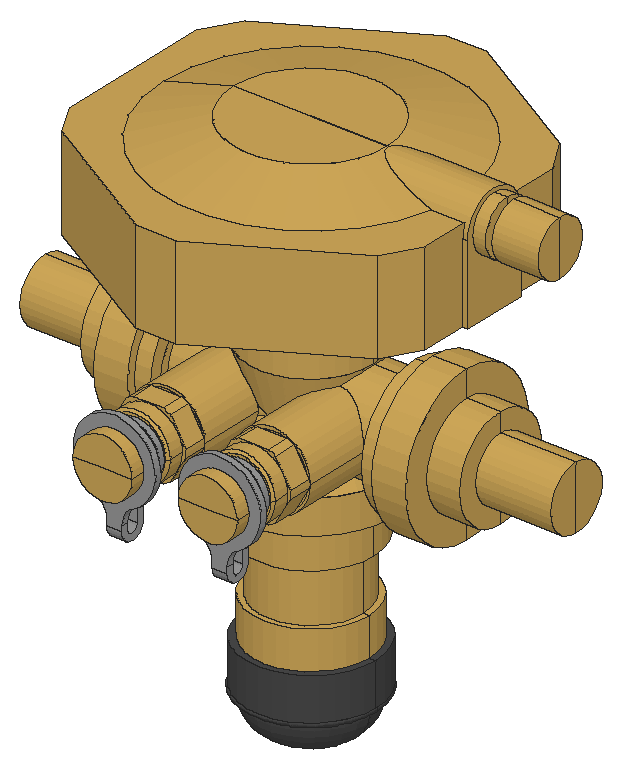
Revit family "Pressure independent control valve 4001", category Rohrzubehör, Revit 2018 (continued)
Definition of nested family "Messstutzen_Band_Austritt_senkrecht"
  Parameters (values of type "Messstutzen_Band_Austritt_senkrecht")
    URL = "www.herz-armaturen.at"
    Schutzkappe [instance] = yes
    Nennweite [instance] = 0.000 mm
    Manufacturer = "Herz Armaturen GmbH"  # constant formula
    Gewicht [instance] = 0.00 kg
    Bestellnummer [instance] = 0
  Reference planes
    plane 1 "Mitte (Vorne/hinten)": y = 0
    plane 2: z = 0
    plane 3 "Mitte (Links/rechts)": x = 0
    plane 4 "Schlaufe 1": z = -27
    plane 5 "Schlaufe 2": z = -31.678
  Forms (mm)
    Revolve 1, solid, detail levels fine
      sketch origin (0, 0, 0) x (1, 0, 0) y (0, 0, 1)
        loop
          line (-7.4, -9) -> (-7.4, -16.5)
          arc (-7.4, -16.5) -> (-7.693, -17.207) -> (-8.4, -17.5) r 1
          line (-8.4, -17.5) -> (-2, -17.5) -> (-2, 0) -> (-5.555, 0) -> (-6.455, -0.9) -> (-6.455, -4.681) -> (-5.843, -5.293)
          arc (-5.843, -5.293) -> (-5.626, -5.617) -> (-5.55, -6) r 1
          line (-5.55, -6) -> (-5.55, -9) -> (-7.4, -9)
        loop
          line (-3.7, -27) -> (-3.7, -30.45) -> (-4.415, -30.863) -> (-4.415, -35.19) -> (-3.805, -35.8) -> (-2, -35.8) -> (-2, -23) -> (-7.9, -23) -> (-7.9, -26.4) -> (-7.3, -27) -> (-3.7, -27)
        axis (0, 0) -> (0, -35.8)
      angle from 0 to 360
    Extrusion 2, solid, detail levels fine
      sketch origin (0, 0, -17.5) x (0, 1, 0) y (1, 0, 0)
        loop
          line (-7.07, -5.156) -> (-0.93, -8.7)
          arc (-0.93, -8.7) -> (0, -8.75) -> (0.93, -8.7) r 8.75
          line (0.93, -8.7) -> (7.07, -5.156)
          arc (7.07, -5.156) -> (7.578, -4.375) -> (8, -3.544) r 8.75
          line (8, -3.544) -> (8, 3.544)
          arc (8, 3.544) -> (7.578, 4.375) -> (7.07, 5.156) r 8.75
          line (7.07, 5.156) -> (0.93, 8.7)
          arc (0.93, 8.7) -> (0, 8.75) -> (-0.93, 8.7) r 8.75
          line (-0.93, 8.7) -> (-7.07, 5.156)
          arc (-7.07, 5.156) -> (-7.578, 4.375) -> (-8, 3.544) r 8.75
          line (-8, 3.544) -> (-8, -3.544)
          arc (-8, -3.544) -> (-7.578, -4.375) -> (-7.07, -5.156) r 8.75
      from 0 to 5.5
    Revolve 3, solid, visible <- "Schutzkappe", detail levels fine
      sketch origin (0, 0, 0) x (1, 0, 0) y (0, 0, 1)
        loop
          line (0, -35.878) -> (-3.805, -35.878) -> (-4.415, -35.268) -> (-4.415, -30.178) -> (-6.9, -30.178) -> (-6.9, -31.678) -> (-6.1, -31.678) -> (-6.1, -33.378) -> (-7, -33.378) -> (-7, -36.678) -> (0, -36.678) -> (0, -35.878)
        axis (0, -30.178) -> (0, -36.678)
      angle from 0 to 360
    Extrusion 4, solid, detail levels fine
      sketch origin (0, 0, -27) x (0, 1, 0) y (-1, 0, 0)
        loop
          circle (0, 0) r 3.7
        loop
          arc (5.505, 3.906) -> (-6.75, 0) -> (5.505, -3.906) r 6.75
          arc (5.505, -3.906) -> (7.288, -2.358) -> (9.582, -1.8) r 5
          line (9.582, -1.8) -> (9.582, 1.8)
          arc (9.582, 1.8) -> (7.288, 2.358) -> (5.505, 3.906) r 5
      from 0 to -1.5
    Extrusion 5, solid, detail levels fine
      sketch origin (0, 0, -31.678) x (0, 1, 0) y (-1, 0, 0)
        loop
          circle (0, 0) r 6.1
        loop
          arc (8.652, 4.495) -> (-9.75, 0) -> (8.652, -4.495) r 9.75
          arc (8.652, -4.495) -> (10.493, -2.527) -> (13.089, -1.8) r 5
          line (13.089, -1.8) -> (13.089, 1.8)
          arc (13.089, 1.8) -> (10.493, 2.527) -> (8.652, 4.495) r 5
      from 0 to -1.5
    Sweep 6, solid, detail levels fine
      path origin (0, 0, 0) x (0, 0, 1) y (0, -1, 0)
        loop
          line (-27.75, -9.582) -> (-27.75, -14.522)
          arc (-27.75, -14.522) -> (-30.089, -16.862) -> (-32.428, -14.522) r 2.339
          line (-32.428, -14.522) -> (-32.428, -13.089)
      profile origin (0, 12.052, -27.75) x (0, 0, 1) y (1, 0, 0)
        loop
          line (0.75, -1.8) -> (0.75, 1.8) -> (-0.75, 1.8) -> (-0.75, -1.8) -> (0.75, -1.8)
  Cuts and joins
    joined: Extrusion 4, Extrusion 5, Sweep 6
  Dimensions and locks
    aligned and locked: level to plane 2
